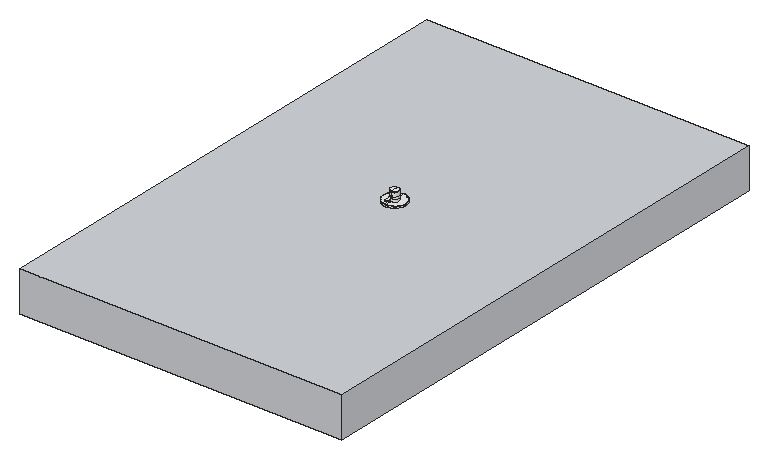
Revit family "Balance_Trim-GROHE-Europlus-19881_Series", category Plumbing Fixtures, host Face, Revit 2014
Parameters (values of type "19881000")
  Width = 6 11/16"  # constant formula
  Waste Connection = no
  Warranty Documentation Link = "https://cdn.cloud.grohe.com/tpi/1000/1900/1940/1949/1949006/original/1949006.pdf"
  WFU = 4  # constant formula
  Vent Connection = no
  URL = "https://www.grohe.us"
  Type Comments = ""
  Tempered Connection Radius = Tempered Connection Diameter / 2  # 1/4"
  Tempered Connection Diameter = Hot Water Connection Diameter  # 1/2"
  Shipping Weight = 4.308 lbf
  Product Page URL = "https://www.grohe.us/en_us/europlus-dual-function-pressure-balance-trim-with-control-module-19881000.html"
  Price = "Prices may vary. Please consult Manufacturer Representative for most up-to-date price list."  # constant formula
  Model = "19881000"
  Material = "Metal-Grohe-000-Chrome"
  Manufacturer = "Grohe"
  Length = 3 3/16"  # constant formula
  Installation Type = "Wall Mounted"
  Hot Water Connection Radius = Hot Water Connection Diameter / 2  # 1/4"
  Hot Water Connection Diameter = Cold Water Connection Diameter  # 1/2"
  Height = 40"
  HWFU = 3  # constant formula
  HW Connection = yes
  Flow Rate = "5.3 gpm at 45 psi (bottom outlet), 2.9 gpm at 45 psi (top outlet)"  # constant formula
  Finish = Metal-Grohe-000-Chrome
  Description = "Europlus Dual function pressure balance trim with control module"  # constant formula
  Default Elevation = 44"  # constant formula
  Creation Date = "06/29/2017"  # constant formula
  Cold Water Connection Radius = 1/4"  # constant formula
  Cold Water Connection Diameter = Cold Water Connection Radius * 2  # 1/2"
  CWFU = 3  # constant formula
  CW Connection = yes
  Assembly Code = "D2010710"
Types (2): name | Product Page URL | Model | Material | Finish
  19881000 | "https://www.grohe.us/en_us/europlus-dual-function-pressure-balance-trim-with-control-module-19881000.html" | "19881000" | "Metal-Grohe-000-Chrome" | Metal-Grohe-000-Chrome
  19881EN0 | "https://www.grohe.us/en_us/europlus-dual-function-pressure-balance-trim-with-control-module-19881EN0.html" | "19881EN0" | "Metal-Grohe-EN0-Brushed Nickel" | Metal-Grohe-EN0-Brushed Nickel
Reference planes (in)
  plane 1 "Center (Front/Back)": y = 0
  plane 2: z = 0
  plane 3 "Center (Left/Right)": x = 0
  plane 4: y = 40
  plane 5: y = -18
  plane 6: y = -39
  plane 7: x = -1.21875
  plane 8: x = 1.21875
  plane 9: x = -3.34375
  plane 10: x = 3.34375
  plane 11: z = 0.375
  plane 12: z = 4
  plane 13: z = 3.38878
  plane 14: z = 0.8125
  plane 15: y = 3.34375
  plane 16: y = -3.34375
  plane 17: z = 2.5749
  plane 18: z = 2.22281
  plane 19: z = 1.62111
  plane 20: z = 1.4497
  plane 21: y = 1.63267
Forms (in)
  Extrusion 1, solid
    sketch origin (0, 0, 0) x (1, 0, 0) y (0, 1, 0)
      loop
        line (-48, 72) -> (-48, -79.70833) -> (48, -79.70833) -> (48, 72) -> (-48, 72)
    from 0 to -12
  Revolve 2, solid, material "Metal-Grohe-000-Chrome" <- "Finish"
    sketch origin (0, 0, 0) x (0, 1, 0) y (0, 0, 1)
      loop
        line (3.34375, 0) -> (3.34375, 0.33546)
        arc (3.34375, 0.33546) -> (3.32657, 0.378) -> (3.28467, 0.39668) r 0.06125
        arc (3.28467, 0.39668) -> (2.26549, 0.42892) -> (1.24609, 0.45316) r 130.00446
        line (1.24609, 0.45316) -> (1.24609, 1.13963) -> (1.16559, 1.13963) -> (1.16559, 1.17424) -> (1.23437, 1.17424) -> (1.23437, 1.88572) -> (1.15583, 1.88572) -> (1.15583, 1.92033) -> (1.23437, 1.92033) -> (1.23437, 3.01756)
        arc (1.23437, 3.01756) -> (1.22627, 3.04033) -> (1.20559, 3.05285) r 0.03603
        arc (1.20559, 3.05285) -> (0.60588, 3.14721) -> (0, 3.18553) r 6.53843
        line (0, 3.18553) -> (0, 0) -> (3.34375, 0)
      axis (0, 3.18553) -> (0, 0)
    angle from 0 to 360
  Extrusion 3, solid, material "Metal-Grohe-000-Chrome" <- "Finish"
    sketch origin (0, 0, 0) x (1, 0, 0) y (0, 1, 0)
      loop
        line (-0.39648, 0) -> (-0.39648, -2.96358)
        arc (-0.39648, -2.96358) -> (0, -3.36006) -> (0.39648, -2.96358) r 0.39648
        line (0.39648, -2.96358) -> (0.39648, 0) -> (-0.39648, 0)
    from 1.4497 to 1.62111
  Extrusion 4, solid, material "Metal-Grohe-000-Chrome" <- "Finish"
    sketch origin (0, -0.20312, 0) x (1, 0, 0) y (0, 1, 0)
      loop
        line (-0.37577, 1.68869) -> (-0.37577, 0.9505) -> (0.37577, 0.9505) -> (0.37577, 1.68869)
        arc (0.37577, 1.68869) -> (0.36367, 1.73085) -> (0.33103, 1.76017) r 0.07947
        arc (0.33103, 1.76017) -> (0, 1.83632) -> (-0.33103, 1.76017) r 0.75756
        arc (-0.33103, 1.76017) -> (-0.36367, 1.73085) -> (-0.37577, 1.68869) r 0.07947
    from 2.28125 to 2.67472
  Extrusion 5, solid, material "Metal-Grohe-000-Chrome" <- "Finish"
    sketch origin (0, 0, 0) x (1, 0, 0) y (0, 1, 0)
      loop
        circle (-0.61402, 0) r 0.25
      loop
        circle (0.61402, 0) r 0.25
    from 0 to 0.0625
Cuts and joins
  joined: Revolve 2, Extrusion 3, Extrusion 4, Extrusion 5
Lines and regions (in)
  Masking region 1
    outline origin (0, 0, 0) x (1, 0, 0) y (0, 0, 1)
      loop
        line (3.34375, 0) -> (3.34375, 0.32704)
        arc (3.34375, 0.32704) -> (3.32356, 0.37727) -> (3.27421, 0.39956) r 0.07259
        arc (3.27421, 0.39956) -> (2.26036, 0.43429) -> (1.24609, 0.45316) r 64.84723
        line (1.24609, 0.45316) -> (1.24609, 1.13963) -> (1.16559, 1.13963) -> (1.16559, 1.17424) -> (1.23438, 1.17424) -> (1.23438, 1.88572) -> (1.15583, 1.88572) -> (1.15583, 1.92033) -> (1.23438, 1.92033) -> (1.23438, 3.01428)
        arc (1.23438, 3.01428) -> (1.22478, 3.04115) -> (1.20033, 3.05587) r 0.04242
        arc (1.20033, 3.05587) -> (0, 3.17545) -> (-1.20033, 3.05587) r 6.08378
        arc (-1.20033, 3.05587) -> (-1.22478, 3.04115) -> (-1.23437, 3.01428) r 0.04242
        line (-1.23437, 3.01428) -> (-1.23437, 1.92033) -> (-1.15583, 1.92033) -> (-1.15583, 1.88572) -> (-1.23437, 1.88572) -> (-1.23437, 1.17424) -> (-1.16559, 1.17424) -> (-1.16559, 1.13963) -> (-1.24609, 1.13963) -> (-1.24609, 0.45316)
        arc (-1.24609, 0.45316) -> (-2.26036, 0.43429) -> (-3.27421, 0.39956) r 64.84723
        arc (-3.27421, 0.39956) -> (-3.32356, 0.37727) -> (-3.34375, 0.32704) r 0.07259
        line (-3.34375, 0.32704) -> (-3.34375, 0) -> (3.34375, 0)
  symbolic lines, detail levels fine
    curve 1: line (0.37577, 0, 2.66865) -> (-0.37577, 0, 2.66865)
    curve 2: line (0.37577, 0, 2.28531) -> (0.37577, 0, 2.66865)
    curve 3: line (-0.37577, 0, 2.28531) -> (0.37577, 0, 2.28531)
    curve 4: line (-0.37577, 0, 2.66865) -> (-0.37577, 0, 2.28531)
    curve 6: line (1.16559, 0, 1.13963) -> (-1.16559, 0, 1.13963)
    curve 7: line (-1.16559, 0, 1.17424) -> (1.16559, 0, 1.17424)
    curve 8: line (1.15583, 0, 1.88572) -> (-1.15583, 0, 1.88572)
    curve 9: line (-1.15583, 0, 1.92033) -> (1.15583, 0, 1.92033)
  symbolic lines, detail levels medium+fine
    curve 5: line (1.24609, 0, 0.45316) -> (-1.24609, 0, 0.45316)
Dimensions and locks (in)
  plane 1 "Center (Front/Back)" to plane 5 = 18"
  plane 5 to plane 6 = 21"
  plane 1 "Center (Front/Back)" to plane 4 = 40"
  plane 11 to level = 3/8"
  plane 12 to level = 4"
  level to plane 13 = 3.38878"
  plane 14 to level = 13/16"
  equal spacing: plane 15, plane 1 "Center (Front/Back)", plane 16
  plane 15 to plane 16 = 6 11/16"
  "Hot Water Connection Diameter": diameter of Extrusion 5 sketch curve
  "Cold Water Connection Diameter": diameter of Extrusion 5 sketch curve
  aligned and locked: plane 2 to Extrusion 1
  aligned and locked: level to Extrusion 1
Automatic sketch dimensions
  Extrusion 1 sketch curve to Extrusion 1 sketch curve = 96"
  Extrusion 1 sketch curve to Extrusion 1 sketch curve = 151.70833"
  plane 1 "Center (Front/Back)" to Extrusion 3 sketch curve = 0"
  Extrusion 3 sketch curve to plane 3 "Center (Left/Right)" = 0"
  plane 16 to Extrusion 3 sketch curve = 0.38017"
  plane 3 "Center (Left/Right)" to Extrusion 3 sketch curve = 0.39648"
  Extrusion 4 sketch curve to plane 3 "Center (Left/Right)" = 0"
  Extrusion 4 sketch curve to plane 3 "Center (Left/Right)" = 0.2963"
  plane 3 "Center (Left/Right)" to Extrusion 4 sketch curve = 0.2963"
  Extrusion 4 sketch curve to Extrusion 4 sketch curve = 0.07947"
  Extrusion 4 sketch curve to plane 1 "Center (Front/Back)" = 0.74737"
  Extrusion 4 sketch curve to Extrusion 4 sketch curve = 0.12826"
  Extrusion 4 sketch curve to Extrusion 4 sketch curve = 0"  (x3)
  Extrusion 4 sketch curve to Extrusion 4 sketch curve = 0.04474"
  Revolve 2 sketch curve to plane 1 "Center (Front/Back)" = 0"  (x2)
  Revolve 2 sketch curve to level = 0"
  Revolve 2 sketch curve to plane 15 = 0"
  plane 1 "Center (Front/Back)" to Revolve 2 sketch curve = 7/64"
  plane 1 "Center (Front/Back)" to Revolve 2 sketch curve = 1.33493"
  Revolve 2 sketch curve to plane 21 = 0.47684"
  Revolve 2 sketch curve to plane 21 = 0.46707"
  Revolve 2 sketch curve to plane 21 = 0.43432"
  Revolve 2 sketch curve to Revolve 2 sketch curve = 0.06878"
  Revolve 2 sketch curve to Revolve 2 sketch curve = 0"
  Revolve 2 sketch curve to Revolve 2 sketch curve = 3/256"
  Revolve 2 sketch curve to Revolve 2 sketch curve = 0.06125"
  Revolve 2 sketch curve to level = 3.35199"
  Revolve 2 sketch curve to Revolve 2 sketch curve = 126.17369"
  Revolve 2 sketch curve to plane 11 = 0.03954"
  plane 11 to Revolve 2 sketch curve = 0.07816"
  Revolve 2 sketch curve to plane 20 = 0.31007"
  Revolve 2 sketch curve to Revolve 2 sketch curve = 0.03461"  (x2)
  plane 19 to Revolve 2 sketch curve = 0.26461"
  plane 13 to Revolve 2 sketch curve = 0.37122"
  plane 13 to Revolve 2 sketch curve = 0.20325"
  plane 12 to Revolve 2 sketch curve = 1.99585"
  Revolve 2 sketch curve to Revolve 2 sketch curve = 0.35576"
  Masking region 1 sketch curve to level = 0"
  Masking region 1 sketch curve to plane 9 = 0"
  Masking region 1 sketch curve to plane 3 "Center (Left/Right)" = 0"
  plane 10 to Masking region 1 sketch curve = 0"
  Masking region 1 sketch curve to Masking region 1 sketch curve = 0.07259"  (x2)
  Masking region 1 sketch curve to plane 7 = 7/256"
  Masking region 1 sketch curve to plane 7 = 1/64"  (x2)
  plane 7 to Masking region 1 sketch curve = 0.05316"
  plane 7 to Masking region 1 sketch curve = 0.06292"
  Masking region 1 sketch curve to plane 3 "Center (Left/Right)" = 0.54727"
  plane 3 "Center (Left/Right)" to Masking region 1 sketch curve = 0.54727"
  plane 8 to Masking region 1 sketch curve = 0.06292"
  plane 8 to Masking region 1 sketch curve = 0.05316"
  plane 8 to Masking region 1 sketch curve = 0.02679"
  Masking region 1 sketch curve to plane 8 = 1/64"  (x2)
  Masking region 1 sketch curve to plane 8 = 7/256"
  Masking region 1 sketch curve to Masking region 1 sketch curve = 61.48198"
  Masking region 1 sketch curve to Masking region 1 sketch curve = 0"  (x3)
  level to Masking region 1 sketch curve = 0.32704"  (x2)
  Masking region 1 sketch curve to plane 14 = 0.35934"  (x2)
  Masking region 1 sketch curve to plane 20 = 0.31007"  (x2)
  Masking region 1 sketch curve to Masking region 1 sketch curve = 0.03461"  (x4)
  plane 19 to Masking region 1 sketch curve = 0.26461"  (x2)
  plane 13 to Masking region 1 sketch curve = 0.3745"
  plane 7 to Masking region 1 sketch curve = 0.01842"
  plane 8 to Masking region 1 sketch curve = 0.01842"
  plane 17 to curve 1 = 3/32"
  curve 1 to plane 3 "Center (Left/Right)" = 0.37577"
  plane 18 to curve 2 = 1/16"
  plane 3 "Center (Left/Right)" to curve 2 = 0.37577"
  plane 7 to curve 9 = 0.06292"
  curve 9 to curve 8 = 0"  (x2)
  plane 7 to curve 7 = 0.05316"
  curve 7 to curve 6 = 0"  (x2)
  curve 5 to plane 7 = 7/256"
  plane 8 to curve 8 = 0.06292"
  plane 8 to curve 6 = 0.05316"
  curve 5 to plane 8 = 7/256"
  plane 19 to curve 9 = 0.29922"
  curve 8 to curve 9 = 0.03461"
  curve 7 to plane 20 = 0.27546"
  curve 6 to curve 7 = 0.03461"
  curve 5 to plane 14 = 0.35934"
  plane 1 "Center (Front/Back)" to Extrusion 5 sketch curve = 0"  (x2)
  plane 7 to Extrusion 5 sketch curve = 0.60473"
  plane 8 to Extrusion 5 sketch curve = 0.60473"
Connectors (in)
  piping at (-0.61402, 0, 0), diameter 0.5, driven by "Hot Water Connection Diameter"
    settings: on Extrusion 5, index 1, connector inside diameter 24", connector length 0", flow factor 0, pipe flow 0 GPM, pressure drop 0.00 psi, fitting loss kfactor 0, connector angle 0.00°, fixture units 0, engagement length 0", angle of deflection 0.00°, flow configuration 0, flow direction 1, fitting loss method 0, system type 19, joint type 0, gender type 0, connector reference index -1, connector utility 0, adjustable connector no, is connector primary yes, connector description "1/2\" NPT HW Inlet"
  piping at (0.61402, 0, 0), diameter 0.5, driven by "Cold Water Connection Diameter"
    settings: on Extrusion 5, index 2, connector inside diameter 24", connector length 0", flow factor 0, pipe flow 0 GPM, pressure drop 0.00 psi, fitting loss kfactor 0, connector angle 0.00°, fixture units 0, engagement length 0", angle of deflection 0.00°, flow configuration 0, flow direction 1, fitting loss method 0, system type 20, joint type 0, gender type 0, connector reference index -1, connector utility 0, adjustable connector no, is connector primary no, connector description "1/2\" NPT CW Inlet"
